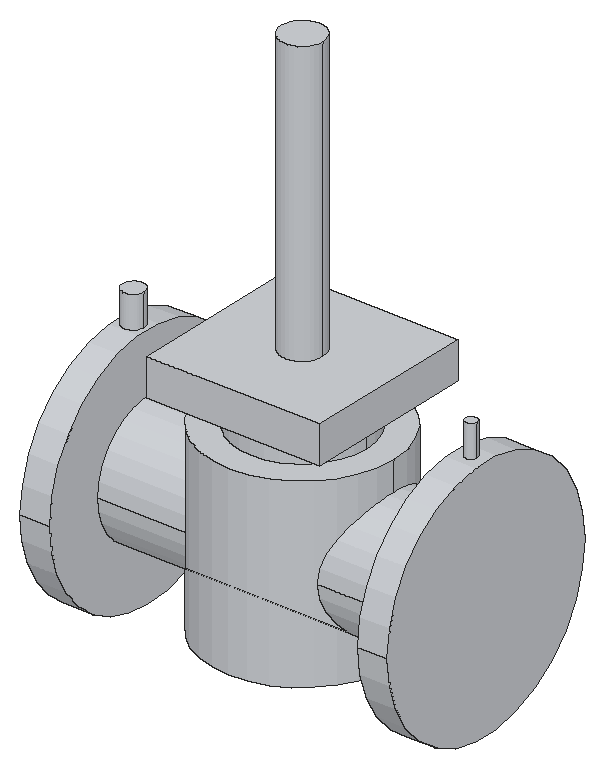
Revit family "OPTIMA_Compact_FLANGE_PN16_DN100-LF_RFA_2018", category Pipe Accessories, Revit 2018
Family settings
  Round Connector Dimension = Use Diameter
  Part Type = Valve - Breaks Into
  Work Plane-Based = No
  Always vertical = Yes
  Cut with Voids When Loaded = No
  Shared = No
Parameters (values of type "Optima Compact Flange PN16 DN100 LF")
  magiProductId = "Frese Optima Flange DN100 LF"
  magiProductFamilyId = "Frese Optima Flange *"
  magiPartTypeId = 304
  isMeasuringValve [instance] = no
  ang2D [instance] = 0.00°
  W2D = 50 mm
  VersionID = "2.0/2018.8.28.1/FRESE_OPTIMA_FLANGE_Q13_002"
  Use Minimum Symbol Size [instance] = yes
  URL = "www.hydronic.cz"
  Type Comments = "Přírubový; PN16; 0~120°C, s měřením"
  R4 = 61.25 mm
  R3 = 61.1 mm
  R1 = 87.5 mm
  QmdConnectorList = "301;D;302;D"
  Productdata [instance] = ""
  Manufacturer = "Hydronic Systems Prague s.r.o."
  MC Product Code = "53-1203 (DN100 LF; 40mm; pohon min 1000N; Qmin-dpmin 12100l/h-20.0kPa; Qmax-dpmin 68000l/h-35.0kPa; dpmax 800kPa)"
  MC Piping Given Pressure Drop [instance] = 0.0 Pa
  LF__ve = -LF  # -28 mm
  LF2 = 14 mm
  LF = 28 mm
  L4 = 164.5 mm
  L3 = 294 mm
  L2D_Min = 3048 mm
  L2D = 230 mm
  L2 = 175 mm
  H6 = 268.75 mm
  H4 = 35.25 mm
  H3 = 29.375 mm
  H2 = 88.125 mm
  H1 = 176.25 mm
  Description = "Tlakově nezávislý 2-cestný regulační vyvažovací ventil (PICV)"
  DF2 = 117.5 mm
  D = 100 mm
  CAT0 = yes
Types (14, lengths in mm): name | magiProductId | magiProductFamilyId | W2D | Type Comments | R4 | R3 | R1 | MC Product Code | LF__ve | LF2 | LF | L4 | L3 | L2D | L2 | H6 | H4 | H3 | H2 | H1 | DF2 | D
  Optima Compact Flange PN16 DN050 LF | "Frese Optima Flange DN050 LF" | "Frese Optima Flange *" | 50 | "Přírubový; PN16; 0~120°C, s měřením" | 40.3 | 42.9 | 57.5 | "53-1200 (DN50 LF; 20mm; pohon min 1000N; Qmin-dpmin 2500l/h-6.5kPa; Qmax-dpmin 15000l/h-20.0kPa; dpmax 800kPa)" | -18.4 | 9.2 | 18.4 | 108.1 | 193.2 | 230 | 115 | 157.3 | 24.8 | 20.6 | 61.9 | 123.8 | 82.5 | 50
  Optima Compact Flange PN16 DN050 HF | "Frese Optima Flange DN050 HF" | "Frese Optima Flange *" | 50 | "Přírubový; PN16; 0~120°C, s měřením" | 40.25 | 42.9 | 57.5 | "53-1210 (DN50 HF; 20mm; pohon min 1000N; Qmin-dpmin 3900l/h-19.0kPa; Qmax-dpmin 24000l/h-50.0kPa; dpmax 800kPa)" | -18.4 | 9.2 | 18.4 | 108.1 | 193.2 | 230 | 115 | 157.25 | 24.75 | 20.625 | 61.875 | 123.75 | 82.5 | 50
  Optima Compact Flange PN16 DN065 LF | "Frese Optima Flange DN065 LF" | "Frese Optima Flange *" | 50 | "Přírubový; PN16; 0~120°C, s měřením" | 50.75 | 48.1 | 72.5 | "53-1201 (DN65 LF; 20mm; pohon min 1000N; Qmin-dpmin 4400l/h-15.0kPa; Qmax-dpmin 25000l/h-25.0kPa; dpmax 800kPa)" | -23.2 | 11.6 | 23.2 | 136.3 | 243.6 | 230 | 145 | 171.25 | 27.75 | 23.125 | 69.375 | 138.75 | 92.5 | 65
  Optima Compact Flange PN16 DN065 HF | "Frese Optima Flange DN065 HF" | "Frese Optima Flange *" | 50 | "Přírubový; PN16; 0~120°C, s měřením" | 50.75 | 48.1 | 72.5 | "53-1211 (DN65 HF; 20mm; pohon min 1000N; Qmin-dpmin 6000l/h-30.0kPa; Qmax-dpmin 35000l/h-55.0kPa; dpmax 800kPa)" | -23.2 | 11.6 | 23.2 | 136.3 | 243.6 | 230 | 145 | 171.25 | 27.75 | 23.125 | 69.375 | 138.75 | 92.5 | 65
  Optima Compact Flange PN16 DN080 LF | "Frese Optima Flange DN080 LF" | "Frese Optima Flange *" | 50 | "Přírubový; PN16; 0~120°C, s měřením" | 54.25 | 52 | 77.5 | "53-1202 (DN80 LF; 20mm; pohon min 1000N; Qmin-dpmin 5300l/h-16.0kPa; Qmax-dpmin 34000l/h-25.0kPa; dpmax 800kPa)" | -24.8 | 12.4 | 24.8 | 145.7 | 260.4 | 230 | 155 | 183 | 30 | 25 | 75 | 150 | 100 | 80
  Optima Compact Flange PN16 DN080 HF | "Frese Optima Flange DN080 HF" | "Frese Optima Flange *" | 50 | "Přírubový; PN16; 0~120°C, s měřením" | 54.25 | 52 | 77.5 | "53-1212 (DN80 HF; 20mm; pohon min 1000N; Qmin-dpmin 7000l/h-23.0kPa; Qmax-dpmin 43000l/h-50.0kPa; dpmax 800kPa)" | -24.8 | 12.4 | 24.8 | 145.7 | 260.4 | 230 | 155 | 183 | 30 | 25 | 75 | 150 | 100 | 80
  Optima Compact Flange PN16 DN100 LF | "Frese Optima Flange DN100 LF" | "Frese Optima Flange *" | 50 | "Přírubový; PN16; 0~120°C, s měřením" | 61.25 | 61.1 | 87.5 | "53-1203 (DN100 LF; 40mm; pohon min 1000N; Qmin-dpmin 12100l/h-20.0kPa; Qmax-dpmin 68000l/h-35.0kPa; dpmax 800kPa)" | -28 | 14 | 28 | 164.5 | 294 | 230 | 175 | 268.75 | 35.25 | 29.375 | 88.125 | 176.25 | 117.5 | 100
  Optima Compact Flange PN16 DN100 HF | "Frese Optima Flange DN100 HF" | "Frese Optima Flange *" | 50 | "Přírubový; PN16; 0~120°C, s měřením" | 61.25 | 61.1 | 87.5 | "53-1213 (DN100 HF; 40mm; pohon min 1000N; Qmin-dpmin 14800l/h-30.0kPa; Qmax-dpmin 90000l/h-75.0kPa; dpmax 800kPa)" | -28 | 14 | 28 | 164.5 | 294 | 230 | 175 | 268.75 | 35.25 | 29.375 | 88.125 | 176.25 | 117.5 | 100
  Optima Compact Flange PN16 DN125 LF | "Frese Optima Flange DN125 LF" | "Frese Optima Flange *" | 50 | "Přírubový; PN16; 0~120°C, s měřením" | 70 | 70.2 | 100 | "53-1204 (DN125 LF; 40mm; pohon min 1000N; Qmin-dpmin 18500l/h-16.0kPa; Qmax-dpmin 110000l/h-35.0kPa; dpmax 800kPa)" | -32 | 16 | 32 | 188 | 336 | 230 | 200 | 275.5 | 40.5 | 33.75 | 101.25 | 202.5 | 135 | 125
  Optima Compact Flange PN16 DN125 HF | "Frese Optima Flange DN125 HF" | "Frese Optima Flange *" | 50 | "Přírubový; PN16; 0~120°C, s měřením" | 70 | 70.2 | 100 | "53-1214 (DN125 HF; 40mm; pohon min 1000N; Qmin-dpmin 23000l/h-27.0kPa; Qmax-dpmin 135000l/h-53.0kPa; dpmax 800kPa)" | -32 | 16 | 32 | 188 | 336 | 230 | 200 | 275.5 | 40.5 | 33.75 | 101.25 | 202.5 | 135 | 125
  Optima Compact Flange PN16 DN150 LF | "Frese Optima Flange DN150 LF" | "Frese Optima Flange *" | 50 | "Přírubový; PN16; 0~110°C, s měřením" | 84 | 74.1 | 120 | "53-1205 (DN150 LF; 43mm; pohon min 1500N; Qmin-dpmin 25600l/h-21.0kPa; Qmax-dpmin 148000l/h-35.0kPa; dpmax 800kPa)" | -38.4 | 19.2 | 38.4 | 225.6 | 403.2 | 230 | 240 | 279.25 | 42.75 | 35.625 | 106.875 | 213.75 | 142.5 | 150
  Optima Compact Flange PN16 DN150 HF | "Frese Optima Flange DN150 HF" | "Frese Optima Flange *" | 50 | "Přírubový; PN16; 0~110°C, s měřením" | 84 | 74.1 | 120 | "53-1215 (DN150 HF; 43mm; pohon min 1500N; Qmin-dpmin 32000l/h-33.0kPa; Qmax-dpmin 195000l/h-65.0kPa; dpmax 800kPa)" | -38.4 | 19.2 | 38.4 | 225.6 | 403.2 | 230 | 240 | 279.25 | 42.75 | 35.625 | 106.875 | 213.75 | 142.5 | 150
  Optima Compact Flange PN16 DN200 LF | "" | "" | 100 | "Přírubový; PN16; 0~110°C, s měřením" | 164.5 | 98.8 | 235 | "53-1206 (DN200 LF; 43mm; pohon min 1500N; Qmin-dpmin 95000l/h-11.0kPa; Qmax-dpmin 210000l/h-32.0kPa; dpmax 800kPa)" | -48 | 24 | 48 | 282 | 504 | 350 | 300 | 281 | 57 | 15 | 209 | 380 | 190 | 200
  Optima Compact Flange PN16 DN200 HF | "" | "" | 100 | "Přírubový; PN16; 0~110°C, s měřením" | 164.5 | 98.8 | 235 | "53-1216 (DN200 HF; 43mm; pohon min 1500N; Qmin-dpmin 130000l/h-31.0kPa; Qmax-dpmin 280000l/h-78.0kPa; dpmax 800kPa)" | -48 | 24 | 48 | 282 | 504 | 350 | 300 | 281 | 57 | 15 | 209 | 380 | 190 | 200
Reference planes
  plane 1 "Center (Front/Back)": y = 0
  plane 2 "XYPLANE": z = 0
  plane 3 "Center (Left/Right)": x = 0
  plane 4 "157": x = 161
  plane 5 "156": x = -161
  plane 6 "155": z = 117.5
  plane 7 "154": z = 152.75
  plane 8 "153": z = 117.5
  plane 9 "152": z = 88.125
  plane 10 "151": x = -147
  plane 11 "150": z = -88.125
  plane 12 "149": x = 0
  plane 13 "148": y = 0
  plane 14 "147": z = 0
  plane 15 "146": x = -175
  plane 16 "145": x = 175
Forms (mm)
  Extrusion 1, solid, visible <- "CAT0"
    sketch origin (-750, 0, 117.5) x (1, 0, 0) y (0, 1, 0)
      loop
        circle (911, 0) r 5.5
    from 0 to 30
  Extrusion 2, solid, visible <- "CAT0"
    sketch origin (-750, 0, 117.5) x (1, 0, 0) y (0, 1, 0)
      loop
        circle (589, 0) r 10.3
    from 0 to 30
  Extrusion 3, solid, visible <- "CAT0"
    sketch origin (-750, 0, 152.75) x (1, 0, 0) y (0, 1, 0)
      loop
        circle (750, 0) r 20
    from 0 to 268.75 <- "H6"
  Extrusion 4, solid, visible <- "CAT0"
    sketch origin (-750, 0, 117.5) x (1, 0, 0) y (0, 1, 0)
      loop
        line (832.25, 82.25) -> (667.75, 82.25) -> (667.75, -82.25) -> (832.25, -82.25) -> (832.25, 82.25)
    from 0 to 35.25 <- "H4"
  Extrusion 5, solid, visible <- "CAT0"
    sketch origin (-750, 0, 88.125) x (1, 0, 0) y (0, 1, 0)
      loop
        circle (750, 0) r 61.25
    from 0 to 29.375 <- "H3"
  Extrusion 6, solid, visible <- "CAT0"
    sketch origin (-147, -750, 0) x (0, 1, 0) y (0, 0, 1)
      loop
        circle (750, 0) r 61.1
    from 0 to 294 <- "L3"
  Extrusion 7, solid, visible <- "CAT0"
    sketch origin (-750, 0, -88.125) x (1, 0, 0) y (0, 1, 0)
      loop
        circle (750, 0) r 87.5
    from 0 to 176.25 <- "H1"
  Extrusion 8, solid, visible <- "CAT0"
    sketch origin (-175, -750, 0) x (0, 1, 0) y (0, 0, 1)
      loop
        circle (750, 0) r 117.5
    from 0 to 28 <- "LF"
  Extrusion 9, solid, visible <- "CAT0"
    sketch origin (175, -750, 0) x (0, 1, 0) y (0, 0, 1)
      loop
        circle (750, 0) r 117.5
    from 0 to -28 <- "LF__ve"
  Extrusion 10, solid, not visible
    sketch origin (-175, -750, 0) x (0, 1, 0) y (0, 0, 1)
      loop
        circle (750, 0) r 10
    from 0 to 10
  Extrusion 11, solid, not visible
    sketch origin (175, -750, 0) x (0, 1, 0) y (0, 0, 1)
      loop
        circle (750, 0) r 10
    from 0 to -10
Lines and regions (mm)
  reference lines, not visible
    curve 1: circle (2, 2, 0) r 1 normal (0, 0, 1)
  reference lines
    curve 2: circle (0, 0, 117.5) r 1 normal (0, 0, 1)
Dimensions and locks
  plane 1 "Center (Front/Back)" to curve 1 = 2 mm
  "LF2": plane 16 "145" to plane 4 "157"
  "LF2": plane 15 "146" to plane 5 "156"
  "DF2": plane 2 "XYPLANE" to plane 6 "155"
  "H4": plane 8 "153" to plane 7 "154"
  "H3": plane 9 "152" to plane 8 "153"
  "H1": plane 11 "150" to plane 9 "152"
  "LF": plane 15 "146" to plane 10 "151"
  "H2": plane 2 "XYPLANE" to plane 11 "150"
  locked: plane 3 "Center (Left/Right)" to plane 12 "149"
  locked: plane 1 "Center (Front/Back)" to plane 13 "148"
  locked: plane 2 "XYPLANE" to plane 14 "147"
  "L2": plane 3 "Center (Left/Right)" to plane 15 "146"
  "L2": plane 3 "Center (Left/Right)" to plane 16 "145"
  equal spacing: Extrusion 4 sketch curve, curve 2, Extrusion 4 sketch curve  (x2)
  "L4": Extrusion 4 sketch curve to Extrusion 4 sketch curve  (x2)
  Extrusion 4 sketch curve to Extrusion 4 sketch curve = 0 mm  (x8)
  "R4": radius of Extrusion 5 sketch curve
  "R3": radius of Extrusion 6 sketch curve
  "R1": radius of Extrusion 7 sketch curve
  "DF2": radius of Extrusion 8 sketch curve
  "DF2": radius of Extrusion 9 sketch curve
  aligned and locked: level to plane 2 "XYPLANE"
  aligned and locked: plane 4 "157" to Extrusion 1 sketch curve
  aligned and locked: plane 13 "148" to Extrusion 1 sketch curve
  aligned and locked: plane 5 "156" to Extrusion 2 sketch curve
  aligned and locked: plane 13 "148" to Extrusion 2 sketch curve
  aligned and locked: plane 12 "149" to Extrusion 3 sketch curve
  aligned and locked: plane 13 "148" to Extrusion 3 sketch curve
  aligned and locked: plane 12 "149" to curve 2
  aligned and locked: plane 13 "148" to curve 2
  aligned and locked: plane 12 "149" to Extrusion 5 sketch curve
  aligned and locked: plane 13 "148" to Extrusion 5 sketch curve
  aligned and locked: Extrusion 6 sketch curve to plane 13 "148"
  aligned and locked: plane 14 "147" to Extrusion 6 sketch curve
  aligned and locked: plane 12 "149" to Extrusion 7 sketch curve
  aligned and locked: plane 13 "148" to Extrusion 7 sketch curve
  aligned and locked: Extrusion 8 sketch curve to plane 13 "148"
  aligned and locked: plane 14 "147" to Extrusion 8 sketch curve
  aligned and locked: Extrusion 9 sketch curve to plane 13 "148"
  aligned and locked: plane 14 "147" to Extrusion 9 sketch curve
  aligned and locked: Extrusion 10 sketch curve to plane 13 "148"
  aligned and locked: plane 14 "147" to Extrusion 10 sketch curve
  aligned and locked: Extrusion 11 sketch curve to plane 13 "148"
  aligned and locked: plane 14 "147" to Extrusion 11 sketch curve
Automatic sketch dimensions
  Extrusion 1 sketch curve to plane 4 "157" = 5.5 mm
  plane 15 "146" to Extrusion 2 sketch curve = 3.7 mm
  Extrusion 3 sketch curve to plane 3 "Center (Left/Right)" = 20 mm
  plane 1 "Center (Front/Back)" to Extrusion 10 sketch curve = 10 mm
  plane 1 "Center (Front/Back)" to Extrusion 11 sketch curve = 10 mm
  plane 3 "Center (Left/Right)" to curve 1 = 2 mm
  plane 10 "151" to Extrusion 4 sketch curve = 64.75 mm
  plane 1 "Center (Front/Back)" to Extrusion 4 sketch curve = 82.25 mm
  radius of curve 2 = 1 mm
  radius of curve 1 = 1 mm
Connectors
  piping at (-175, 0, 0), diameter 100, driven by "D"
    settings: on Extrusion 10, index 1, connector inside diameter 609.6 mm, connector length 0 mm, flow factor 0, pipe flow 0.0 L/s, pressure drop 0.0 Pa, fitting loss kfactor 0, connector angle 0.00°, fixture units 0, engagement length 0 mm, angle of deflection 0.00°, flow configuration 0, flow direction 0, fitting loss method 0, system type 29, joint type 0, gender type 0, connector reference index 2, connector utility 0, adjustable connector no, is connector primary yes, connector description ""
  piping at (175, 0, 0), diameter 100, driven by "D"
    settings: on Extrusion 11, index 2, connector inside diameter 609.6 mm, connector length 0 mm, flow factor 0, pipe flow 0.0 L/s, pressure drop 0.0 Pa, fitting loss kfactor 0, connector angle 0.00°, fixture units 0, engagement length 0 mm, angle of deflection 0.00°, flow configuration 0, flow direction 0, fitting loss method 0, system type 29, joint type 0, gender type 0, connector reference index 1, connector utility 0, adjustable connector no, is connector primary no, connector description ""
